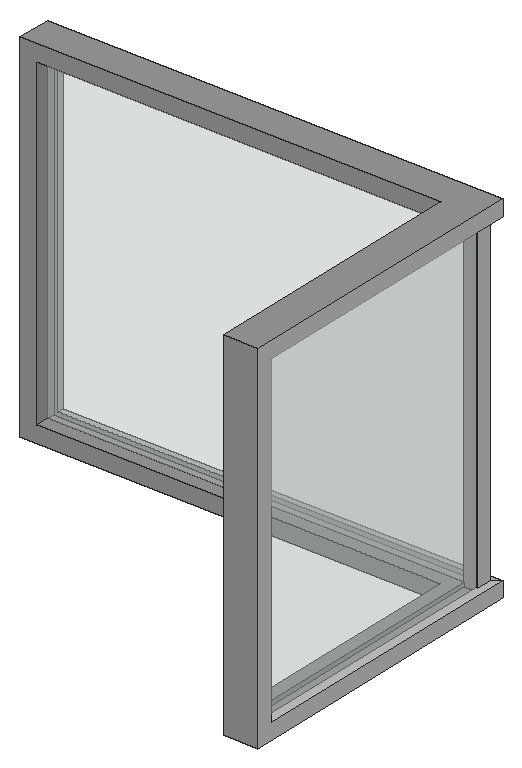
Revit family "Lian - Corner Window - Wood-Aluminium", category Windows, host Wall, Revit 2017
Family settings
  Host = Wall
  Always vertical = Yes
  Cut with Voids When Loaded = No
  Shared = No
  Room Calculation Point = No
Parameters
  hosted on bimbear.com® = "www.bimbear.com"
  Width = [02.6 - Window Width - G1]  # 1500 mm
  URL = "http://www.lian.no/"
  Type Image = <None>
  Type Comments = "Wood - Aluminium"
  Rough Width = [02.1 - Opening Width - G1]  # 1500 mm
  Rough Height = [01 - Opening Height]  # 1200 mm
  OFS = [07 - Offset] + 1500 mm  # 1500 mm
  Model = "Corner Window"
  Manufacturer = "Lian"
  Height = [01.5 - Window Height]  # 1200 mm
  GAP = [08 - Sealant Gap] * 2  # 0 mm
  Construction Type = ""
  Assembly Code = ""
  Analytic Construction = "<None>"
  11 - Sound Transmission Class = ""
  10 - Fire Rating = ""
  08 - Sealant Gap = 0 mm
  07 - Offset = 0 mm
  06 - Material Interior Frame = NCS S 0500-N
  05.5 - Material Glass = Glass
  05 - Material Exterior Frame = RAL 9018
  02.7 - Window Width - G2 = [02.2 - Opening Width - G2] - [08 - Sealant Gap]  # 1000 mm
  02.6 - Window Width - G1 = [02.1 - Opening Width - G1] - [08 - Sealant Gap]  # 1500 mm
  02.2 - Opening Width - G2 = 1000 mm
  02.1 - Opening Width - G1 = 1500 mm
  01.5 - Window Height = [01 - Opening Height] - GAP  # 1200 mm
  01 - Opening Height = 1200 mm
Reference planes
  plane 1 "Wall": y = 0
  plane 2 "Center (Left/Right)": x = 125
  plane 3 "Back": y = 75
  plane 4: x = -705
  plane 5: z = 1200
  plane 6: x = 625
  plane 7: x = -705
  plane 8: z = 0
  plane 9: z = 1200
  plane 10 "VINDU": y = 0
  plane 11: y = -1500
  plane 12: z = 600
  plane 13: x = -705
  plane 14: x = 795
  plane 15: x = 747.7
  plane 16: y = -1000
  plane 17: y = -47.3
  plane 18: y = -1000
  plane 19: y = 300
  plane 20: x = 1095
Forms (mm)
  Extrusion 1, void
    sketch origin (0, 0, 0) x (1, 0, 0) y (0, 1, 0)
      loop
        line (1095, 300) -> (-705, 300) -> (-705, -1000) -> (1095, -1000) -> (1095, 300)
    from 0 to 1200
Lines and regions (mm)
  symbolic lines, detail levels coarse
    curve 1: line (-705, 0, 0) -> (795, 0, 0)
    curve 2: line (795, -1000, 0) -> (795, 0, 0)
    curve 3: line (125, 0, 0) -> (125, 0, 1200)
    curve 4: line (795, 0, 0) -> (795, 0, 1200)
Text (mm)
  text "Placement Side" at (-1848.837, 1116.779, 0), in view "Ref. Level"
  text "Placement side" at (0, 1409.804, 2854.306), in view "Left"
  text "Placement side" at (0, 499.811, 2980.732), in view "Right"
Dimensions and locks
  locked: plane 3 "Back" to host wall
  "Rough Height": level to plane 5
  "08 - Sealant Gap": plane 4 to plane 7
  "08 - Sealant Gap": plane 9 to plane 5
  "08 - Sealant Gap": level to plane 8
  plane 1 "Wall" to plane 11 = 1500 mm
  "OFS": plane 10 "VINDU" to plane 11
  equal spacing: plane 5, plane 12, level
  "OFS": plane 13 to plane 14
  locked: plane 15 to plane 14 at 47.3
  "02.2 - Opening Width - G2": plane 10 "VINDU" to plane 18
  plane 10 "VINDU" to plane 17 = 47.3 mm
  "08 - Sealant Gap": plane 16 to plane 18
  locked: plane 9 to nested 3 at 41
  locked: plane 8 to nested 3 at 40.972
  "02.1 - Opening Width - G1": plane 4 to plane 14
  locked: plane 14 to plane 20 at 300
  locked: plane 19 to plane 10 "VINDU" at 300
  locked: plane 16 to nested 8 at 41
  locked: plane 7 to nested 7 at 41
  locked: nested 9 to plane 8 at 40.972
  locked: plane 9 to nested 9 at 41
  plane 8 to level = 0 mm
  aligned and locked: plane 1 "Wall" to host wall
  aligned and locked: nested 1 to plane 8
  aligned and locked: nested 1 to plane 10 "VINDU"
  aligned and locked: plane 10 "VINDU" to nested 2
  aligned and locked: plane 9 to nested 2
  aligned and locked: nested 3 to plane 10 "VINDU"
  aligned and locked: curve 1 to plane 10 "VINDU"
  aligned and locked: curve 2 to plane 14
  aligned and locked: plane 18 to curve 2
  aligned and locked: plane 4 to curve 1
  aligned and locked: nested 4 to plane 10 "VINDU"
  aligned and locked: nested 4 to plane 14
  aligned and locked: nested 4 to plane 16
  aligned and locked: nested 4 to plane 7
  aligned and locked: plane 19 to Extrusion 1 sketch curve
  aligned and locked: Extrusion 1 sketch curve to plane 20
  aligned and locked: Extrusion 1 sketch curve to plane 18
  aligned and locked: plane 10 "VINDU" to nested 5
  aligned and locked: nested 5 to plane 7
  aligned and locked: nested 6 to plane 14
  aligned and locked: nested 6 to plane 16
  aligned and locked: nested 7 to plane 10 "VINDU"
  aligned and locked: plane 14 to nested 8
  aligned and locked: plane 17 to nested 8
  aligned and locked: nested 7 to plane 15
  aligned and locked: plane 8 to nested 11
  aligned and locked: nested 11 to plane 14
  aligned and locked: nested 10 to plane 14
  aligned and locked: nested 10 to plane 9
  aligned and locked: plane 14 to nested 9
  aligned and locked: nested 4 to plane 8
  aligned and locked: nested 4 to plane 9
  aligned and locked: Extrusion 1 sketch curve to plane 4
  aligned and locked: nested 12 to plane 14
  aligned and locked: nested 12 to plane 10 "VINDU"
  aligned and locked: plane 10 "VINDU" to curve 3
  aligned and locked: level to curve 3
  aligned and locked: plane 5 to curve 3
  aligned and locked: curve 4 to plane 14
  aligned and locked: level to curve 4
  aligned and locked: plane 5 to curve 4
Nested families
  nested 1: "FV-A-V0104-06" at (1225, 0, 0) x (0, 1, 0) z (-1, 0, 0), type "FV-T-V0104-06"
  nested 2: "FV-A-V0104-03-09" at (825, 0, 1200) x (0, 1, 0) z (1, 0, 0), type "FV-A-V0104-03-09"
  nested 3: "3Glass2D" at (125, 0, 1159) x (0, -1, 0) z (1, 0, 0), type "3Glass2D"
    with h 1118.028 mm
  nested 4: "CornerWindow" at (-5, 0, 600), type "CornerWindow"
    with w2 1000 mm, w1 1500 mm, h1 1200 mm
  nested 5: "FV-A-V0104-03-09" at (-705, 0, 0) x (0, 1, 0) z (0, 0, 1), type "FV-A-V0104-03-09"
  nested 6: "FV-A-V0104-03-09" at (795, -1000, 0) x (1, 0, 0) z (0, 0, -1), type "FV-A-V0104-03-09"
  nested 7: "3Glass2D" at (-664, 0, 0) x (0, -1, 0) z (0, 0, 1), type "3Glass2D"
    with h 1411.7 mm
  nested 8: "3Glass2D" at (795, -47.3, 0) x (-1, 0, 0) z (0, 0, 1), type "3Glass2D"
    with h 911.7 mm
  nested 9: "3Glass2D" at (795, 0, 1159) x (-1, 0, 0) z (0, -1, 0), type "3Glass2D"
    with h 1118.028 mm
  nested 10: "FV-A-V0104-03-09" at (795, 0, 1200) x (1, 0, 0) z (0, -1, 0), type "FV-A-V0104-03-09"
  nested 11: "FV-A-V0104-06" at (795, 0, 0) x (1, 0, 0) z (0, -1, 0), type "FV-T-V0104-06"
  nested 12: "Cornerdetail" at (795, 0, 0), type "Cornerdetail"
Definition of nested family "CornerWindow"
  Parameters (values of type "CornerWindow")
    w2 [instance] = 1400 mm
    w1 [instance] = 1750 mm
    matekstframe = none
    karm = none
    h1 [instance] = 1800 mm
    glass = none
    Default Elevation = 1219.2 mm
    Analytic Construction = "<None>"
  Reference planes
    plane 1 "Center (Front/Back)": y = 0
    plane 2: z = 0
    plane 3 "Center (Left/Right)": x = -700
    plane 4: x = 1050
    plane 5: z = 900
    plane 6: y = -1400
    plane 7: y = -47.3
    plane 8: y = -1359
    plane 9: z = -900
  Forms (mm)
    Extrusion 1, void
      sketch origin (0, 0, 0) x (1, 0, 0) y (0, 1, 0)
        loop
          line (-700, 0) -> (-700, -1400) -> (1050, -1400) -> (1050, 0) -> (-700, 0)
      from -900 to 900
    Sweep 2, solid, material <- "karm"
      path in 3D
        loop
          line (1050, 0, 900) -> (1050, -1400, 900) -> (1050, -1400, -900) -> (1050, 0, -900) -> (-700, 0, -900) -> (-700, 0, 900) -> (1050, 0, 900)
      profile origin (175, 0, 900) x (0, -1, 0) y (0, 0, -1)
        loop
          line (89.225, 0) -> (89.225, 55) -> (44, 55) -> (44, 41) -> (0, 41) -> (0, 56.226) -> (-26.275, 53) -> (-26.275, 0) -> (89.225, 0)
    Extrusion 3, solid, material <- "glass"
      sketch origin (0, 0, 0) x (1, 0, 0) y (0, 1, 0)
        loop
          line (-659, 0) -> (-659, -44) -> (1002.7, -44) -> (1002.7, 0) -> (-659, 0)
      from -859 to 859
    Extrusion 4, solid, material <- "glass"
      sketch origin (0, 0, 0) x (1, 0, 0) y (0, 1, 0)
        loop
          line (1050, -1359) -> (1050, -47.3) -> (1006, -47.3) -> (1006, -1359) -> (1050, -1359)
      from -859 to 859
    Extrusion 5, solid, material <- "karm"
      sketch origin (0, 0, 0) x (1, 0, 0) y (0, 1, 0)
        loop
          line (1053, 3) -> (1003, 3) -> (1003, -47) -> (1053, -47) -> (1053, 3)
      from -859 to 859
  Cuts and joins
    joined: Sweep 2, Extrusion 5
  Lines and regions (mm)
    sketch lines
      curve 1: line (-700, 0, 900) -> (1050, 0, 900)
      curve 2: line (1050, 0, -900) -> (-700, 0, -900)
      curve 3: line (-700, 0, -900) -> (-700, 0, 900)
      curve 4: line (1050, 0, 900) -> (1050, -1400, 900)
      curve 5: line (1050, -1400, -900) -> (1050, -1400, 900)
      curve 6: line (1050, -1400, -900) -> (1050, 0, -900)
  Dimensions and locks
    "w1": plane 3 "Center (Left/Right)" to plane 4
    "h1": plane 5 to Extrusion 1
    "w2": plane 1 "Center (Front/Back)" to plane 6
    locked: plane 3 "Center (Left/Right)" to Sweep 2 at 41
    Extrusion 3 sketch curve to plane 4 = 47.3 mm
    locked: Sweep 2 to plane 1 "Center (Front/Back)" at 44
    Extrusion 3 to plane 2 = 859 mm
    locked: plane 5 to Extrusion 3 at 41
    locked: Sweep 2 to plane 6 at 41
    locked: Sweep 2 to plane 4 at 44
    locked: Extrusion 4 to plane 5 at 41
    plane 2 to Extrusion 4 = 859 mm
    locked: plane 1 "Center (Front/Back)" to Extrusion 4 at 47.3
    locked: Extrusion 3 to plane 4 at 47.3
    locked: plane 4 to Extrusion 5 sketch curve at 3
    locked: plane 1 "Center (Front/Back)" to Extrusion 5 sketch curve at 3
    Extrusion 5 to plane 2 = 859 mm
    locked: Extrusion 5 to plane 5 at 41
    locked: plane 6 to plane 8 at 41
    equal spacing: plane 5, level, plane 9
    "h1": plane 5 to plane 9
    locked: Extrusion 3 to plane 9 at 41
    locked: Extrusion 4 to plane 9 at 41
    locked: cut or joined group of Sweep 2, Extrusion 5 to plane 9 at 41
    aligned and locked: level to plane 2
    aligned and locked: Extrusion 1 sketch curve to plane 6
    aligned and locked: plane 3 "Center (Left/Right)" to Extrusion 1 sketch curve
    aligned and locked: Extrusion 1 to plane 1 "Center (Front/Back)"
    aligned and locked: Extrusion 1 to plane 6
    aligned and locked: plane 1 "Center (Front/Back)" to Extrusion 3 sketch curve
    aligned and locked: Extrusion 4 sketch curve to plane 4
    aligned and locked: Extrusion 1 to plane 5
    aligned and locked: Extrusion 1 to plane 9
  Automatic sketch dimensions
    profile plane to Sweep 2 sketch curve = 0 mm
    Sweep 2 sketch curve to profile plane = 0 mm
    profile plane to Sweep 2 sketch curve = 26.275 mm
    Sweep 2 sketch curve to profile plane = 44 mm
    Sweep 2 sketch curve to Sweep 2 sketch curve = 45.225 mm
    profile plane to Sweep 2 sketch curve = 41 mm
    Sweep 2 sketch curve to Sweep 2 sketch curve = 12 mm
    Sweep 2 sketch curve to Sweep 2 sketch curve = 14 mm
    Sweep 2 sketch curve to Sweep 2 sketch curve = 15.226 mm
    plane 1 "Center (Front/Back)" to Extrusion 1 sketch curve = 0 mm
    Extrusion 1 sketch curve to plane 4 = 0 mm
    plane 3 "Center (Left/Right)" to Extrusion 3 sketch curve = 41 mm
    plane 1 "Center (Front/Back)" to Extrusion 3 sketch curve = 44 mm
    Extrusion 4 sketch curve to plane 4 = 44 mm
    plane 6 to Extrusion 4 sketch curve = 41 mm
    plane 1 "Center (Front/Back)" to Extrusion 4 sketch curve = 47.3 mm
    plane 7 to Extrusion 5 sketch curve = 0.3 mm
    Extrusion 5 sketch curve to plane 4 = 47 mm
Definition of nested family "FV-A-V0104-06"
  Reference planes
    plane 1 "Center (Front/Back)": y = 0
    plane 2: z = 0
    plane 3 "Center (Left/Right)": x = 0
  Lines and regions (mm)
    Filled region 1, type "LianTre", in view "Ref. Level", detail levels fine
      outline origin (15.775, 0, 0) x (1, 0, 0) y (0, 1, 0)
        loop
          line (-1.756, 29.48) -> (-63.041, 37.005) -> (-63.041, 46.5) -> (-66.5, 46.5) -> (-66.5, 49.5) -> (-63.041, 49.5) -> (-63.041, 54)
          arc (-63.041, 54) -> (-63.334, 54.707) -> (-64.041, 55) r 1
          line (-64.041, 55) -> (-103, 55)
          arc (-103, 55) -> (-104.414, 54.414) -> (-105, 53) r 2
          line (-105, 53) -> (-105, 19) -> (-96, 19) -> (-96, 9) -> (-105, 9) -> (-105, 2)
          arc (-105, 2) -> (-104.414, 0.586) -> (-103, 0) r 2
          line (-103, 0) -> (-90, 0) -> (-90, 1) -> (-45, 1)
          arc (-45, 1) -> (-42.879, 1.879) -> (-42, 4) r 3
          line (-42, 4) -> (-42, 8) -> (-35, 8) -> (-35, 4)
          arc (-35, 4) -> (-34.121, 1.879) -> (-32, 1) r 3
          line (-32, 1) -> (-30, 1) -> (-30, 0) -> (-21, 0)
          arc (-21, 0) -> (-19.586, 0.586) -> (-19, 2) r 2
          line (-19, 2) -> (-19, 14) -> (-15, 14) -> (-15, 6.617) -> (-2.518, 3.273)
          arc (-2.518, 3.273) -> (-0.782, 3.618) -> (0, 5.205) r 2
          line (0, 5.205) -> (0, 27.495)
          arc (0, 27.495) -> (-0.502, 28.82) -> (-1.756, 29.48) r 2
    Masking region 1, in view "Ref. Level", detail levels medium
      outline origin (15.775, 0, 0) x (1, 0, 0) y (0, 1, 0)
        loop
          line (-59.775, 55) -> (-105, 55) -> (-105, 0) -> (10.5, 0) -> (10.5, 54) -> (-15.775, 57.226) -> (-15.775, 40.972) -> (-59.775, 40.972) -> (-59.775, 55)
    Filled region 2, type "Solid Fill - Black", in view "Ref. Level", detail levels fine
      outline origin (-42.572, -23.897, 0) x (0, -1, 0) y (1, 0, 0)
        loop
          line (-71.113, -7.237) -> (-71.069, -6.175) -> (-70.717, -4.655) -> (-68.868, -4.605) -> (-67.509, -1.69) -> (-68.966, -2.855) -> (-71.921, -2.841) -> (-73.92, -1.68) -> (-73.689, -2.855) -> (-78.891, -2.832) -> (-80.365, -1.655) -> (-78.839, -4.655) -> (-72.978, -4.737) -> (-72.682, -6.246) -> (-72.682, -7.237) -> (-73.397, -6.903) -> (-72.893, -7.69) -> (-71.897, -8.155) -> (-70.836, -7.66) -> (-70.397, -6.903) -> (-71.113, -7.237)
    Filled region 3, type "Solid Fill - Black", in view "Ref. Level", detail levels fine
      outline origin (71.288, 82.368, 0) x (0, 1, 0) y (-1, 0, 0)
        loop
          line (-32.629, 65.48) -> (-33.344, 65.814) -> (-32.905, 65.057) -> (-31.844, 64.563) -> (-30.848, 65.027) -> (-30.344, 65.814) -> (-31.059, 65.48) -> (-31.059, 66.471) -> (-30.763, 67.98) -> (-24.902, 68.063) -> (-23.376, 71.063) -> (-24.85, 69.885) -> (-30.052, 69.863) -> (-29.821, 71.037) -> (-31.821, 69.876) -> (-34.775, 69.863) -> (-36.232, 71.027) -> (-34.873, 68.113) -> (-33.024, 68.063) -> (-32.672, 66.542) -> (-32.629, 65.48)
    Masking region 2, in view "Ref. Level", detail levels fine
      outline origin (59.5, 59.995, 0) x (1, 0, 0) y (0, 1, 0)
        loop
          line (-33.225, -57.992) -> (-33.225, -5.995) -> (-56.225, -3.171) -> (-56.225, -8.171) -> (-54.926, -8.171) -> (-54.926, -7.321)
          arc (-54.926, -7.321) -> (-52.775, -9.472) -> (-54.927, -11.621) r 2.15
          line (-54.927, -11.621) -> (-54.927, -10.771) -> (-56.225, -10.771) -> (-56.225, -12.421)
          arc (-56.225, -12.421) -> (-56.078, -12.774) -> (-55.725, -12.921) r 0.5
          line (-55.725, -12.921) -> (-54.925, -12.921)
          arc (-54.925, -12.921) -> (-51.487, -9.757) -> (-54.354, -6.068) r 3.45
          arc (-54.354, -6.068) -> (-54.91, -5.307) -> (-54.16, -4.734) r 0.674
          line (-54.16, -4.734) -> (-34.525, -7.145) -> (-34.525, -29.995) -> (-41.725, -29.995) -> (-41.725, -32.445) -> (-40.45, -32.445) -> (-39.644, -31.295) -> (-36.824, -31.295) -> (-36.824, -32.161) -> (-35.822, -32.161) -> (-35.822, -31.295) -> (-34.525, -31.295) -> (-34.525, -45.095) -> (-36.714, -45.095) -> (-36.714, -44.089) -> (-37.73, -44.089) -> (-37.73, -45.095) -> (-39.644, -45.095) -> (-40.45, -43.945) -> (-41.725, -43.945) -> (-41.725, -46.395) -> (-34.525, -46.395) -> (-34.525, -52.695) -> (-41.725, -52.695) -> (-41.725, -53.995) -> (-37.825, -53.995) -> (-37.825, -57.992) -> (-36.525, -57.992) -> (-36.525, -53.995) -> (-34.525, -53.995) -> (-34.525, -57.992) -> (-33.225, -57.992)
    Masking region 3, in view "Ref. Level", detail levels fine
      outline origin (59.5, 59.995, 0) x (1, 0, 0) y (0, 1, 0)
        loop
          line (-36.925, -35.295) -> (-36.925, -41.095) -> (-40.625, -43.295) -> (-39.618, -44.732) -> (-34.925, -41.945) -> (-34.925, -34.445) -> (-39.618, -31.658) -> (-40.625, -33.095) -> (-36.925, -35.295)
    Masking region 4, in view "Ref. Level", detail levels fine
      outline origin (59.5, 59.995, 0) x (1, 0, 0) y (0, 1, 0)
        loop
          line (-38.225, -40.075) -> (-43.725, -40.075) -> (-43.725, -47.545) -> (-41.725, -47.545) -> (-41.725, -43.895) -> (-40.285, -43.895) -> (-40.285, -43.093) -> (-38.225, -41.868) -> (-38.225, -40.075)
    Masking region 5, in view "Ref. Level", detail levels fine
      outline origin (59.5, 18.395, 0) x (0, -1, 0) y (1, 0, 0)
        loop
          line (-5.305, -38.225) -> (-7.078, -38.225) -> (-8.303, -40.285) -> (-9.105, -40.285) -> (-9.105, -41.725) -> (-12.755, -41.725) -> (-12.755, -43.725) -> (-5.305, -43.725) -> (-5.305, -38.225)
    Masking region 6, in view "Ref. Level", detail levels fine
      outline origin (59.5, 59.995, 0) x (1, 0, 0) y (0, 1, 0)
        loop
          line (-43.725, -40.075) -> (-36.925, -40.075) -> (-36.925, -36.295) -> (-43.725, -36.295) -> (-43.725, -40.075)
    detail lines, in view "Ref. Level", detail levels fine
      curve 1: line (-44, 36.604, 0) -> (0, 40.972, 0)
      curve 2: line (0, 31.202, 0) -> (-44, 40.972, 0)
      curve 3: line (-44, 40.972, 0) -> (0, 40.972, 0)
      curve 4: line (-44, 40.972, 0) -> (-44, 36.604, 0)
      curve 5: line (0, 40.972, 0) -> (0, 31.202, 0)
Definition of nested family "FV-A-V0104-03-09"
  Reference planes
    plane 1 "Center (Front/Back)": y = 0
    plane 2: z = 0
    plane 3 "Center (Left/Right)": x = 0
  Lines and regions (mm)
    Filled region 1, type "Solid Fill - Black", in view "Ref. Level", detail levels fine
      outline origin (-1.43, 22.373, 0) x (0, 1, 0) y (-1, 0, 0)
        loop
          line (-71.113, -7.237) -> (-71.069, -6.175) -> (-70.717, -4.655) -> (-68.868, -4.605) -> (-67.509, -1.69) -> (-68.966, -2.855) -> (-71.921, -2.841) -> (-73.92, -1.68) -> (-73.689, -2.855) -> (-78.891, -2.832) -> (-80.365, -1.655) -> (-78.839, -4.655) -> (-72.978, -4.737) -> (-72.682, -6.246) -> (-72.682, -7.237) -> (-73.397, -6.903) -> (-72.893, -7.69) -> (-71.897, -8.155) -> (-70.836, -7.66) -> (-70.397, -6.903) -> (-71.113, -7.237)
    Filled region 2, type "Solid Fill - Black", in view "Ref. Level", detail levels fine
      outline origin (-42.569, 23.897, 0) x (1, 0, 0) y (0, 1, 0)
        loop
          line (-7.237, -71.113) -> (-6.903, -70.397) -> (-7.66, -70.836) -> (-8.155, -71.897) -> (-7.69, -72.893) -> (-6.903, -73.397) -> (-7.237, -72.682) -> (-6.246, -72.682) -> (-4.737, -72.978) -> (-4.655, -78.839) -> (-1.655, -80.365) -> (-2.832, -78.891) -> (-2.855, -73.689) -> (-1.68, -73.92) -> (-2.841, -71.921) -> (-2.855, -68.966) -> (-1.69, -67.509) -> (-4.605, -68.868) -> (-4.655, -70.717) -> (-6.175, -71.069) -> (-7.237, -71.113)
    Filled region 3, type "LianTre", in view "Ref. Level", detail levels fine
      outline origin (70.688, -104.985, 0) x (1, 0, 0) y (0, 1, 0)
        loop
          arc (-159.913, 51.985) -> (-159.327, 50.571) -> (-157.913, 49.985) r 2
          line (-157.913, 49.985) -> (-118.913, 49.985)
          arc (-118.913, 49.985) -> (-118.205, 50.278) -> (-117.913, 50.985) r 1
          line (-117.913, 50.985) -> (-117.913, 55.485) -> (-121.413, 55.485) -> (-121.413, 58.485) -> (-117.913, 58.485) -> (-117.913, 67.985) -> (-56.913, 67.985)
          arc (-56.913, 67.985) -> (-55.498, 68.571) -> (-54.913, 69.985) r 2
          line (-54.913, 69.985) -> (-54.913, 102.985)
          arc (-54.913, 102.985) -> (-55.498, 104.399) -> (-56.913, 104.985) r 2
          line (-56.913, 104.985) -> (-84.913, 104.985) -> (-84.913, 103.985) -> (-86.913, 103.985)
          arc (-86.913, 103.985) -> (-89.034, 103.106) -> (-89.913, 100.985) r 3
          line (-89.913, 100.985) -> (-89.913, 96.985) -> (-96.913, 96.985) -> (-96.913, 100.985)
          arc (-96.913, 100.985) -> (-97.791, 103.106) -> (-99.913, 103.985) r 3
          line (-99.913, 103.985) -> (-144.913, 103.985) -> (-144.913, 104.985) -> (-157.913, 104.985)
          arc (-157.913, 104.985) -> (-159.327, 104.399) -> (-159.913, 102.985) r 2
          line (-159.913, 102.985) -> (-159.913, 95.985) -> (-150.913, 95.985) -> (-150.913, 85.985) -> (-159.913, 85.985) -> (-159.913, 51.985)
    Masking region 1, in view "Ref. Level", detail levels medium
      outline origin (15.775, 0, 0) x (1, 0, 0) y (0, 1, 0)
        loop
          line (-105, 0) -> (-105, -55) -> (-59.775, -55) -> (-59.775, -41) -> (-15.775, -41) -> (-15.775, -56.226) -> (10.5, -53) -> (10.5, 0) -> (-105, 0)
    Masking region 2, in view "Ref. Level", detail levels fine
      outline origin (-13.217, 0, 0) x (1, 0, 0) y (0, 1, 0)
        loop
          line (39.492, -1.003) -> (38.192, -1.003) -> (38.192, -5) -> (36.192, -5) -> (36.192, -1.003) -> (34.892, -1.003) -> (34.892, -5) -> (30.992, -5) -> (30.992, -6.3) -> (38.192, -6.3) -> (38.192, -12.6) -> (30.992, -12.6) -> (30.992, -15.05) -> (32.267, -15.05) -> (33.073, -13.9) -> (34.987, -13.9) -> (34.987, -14.906) -> (36.003, -14.906) -> (36.003, -13.9) -> (38.192, -13.9) -> (38.192, -27.7) -> (36.895, -27.7) -> (36.895, -26.834) -> (35.893, -26.834) -> (35.893, -27.7) -> (33.073, -27.7) -> (32.267, -26.55) -> (30.992, -26.55) -> (30.992, -29) -> (38.192, -29) -> (38.192, -51.85) -> (18.557, -54.261)
          arc (18.557, -54.261) -> (17.808, -53.688) -> (18.363, -52.926) r 0.674
          arc (18.363, -52.926) -> (21.231, -49.238) -> (17.792, -46.074) r 3.45
          line (17.792, -46.074) -> (16.992, -46.074)
          arc (16.992, -46.074) -> (16.639, -46.22) -> (16.492, -46.574) r 0.5
          line (16.492, -46.574) -> (16.492, -48.224) -> (17.79, -48.224) -> (17.79, -47.374)
          arc (17.79, -47.374) -> (19.942, -49.523) -> (17.791, -51.674) r 2.15
          line (17.791, -51.674) -> (17.791, -50.824) -> (16.492, -50.824) -> (16.492, -55.824) -> (39.492, -53) -> (39.492, -1.003)
    Masking region 3, in view "Ref. Level", detail levels fine
      outline origin (-13.217, 0, 0) x (1, 0, 0) y (0, 1, 0)
        loop
          line (35.792, -23.7) -> (32.092, -25.9) -> (33.099, -27.337) -> (37.792, -24.55) -> (37.792, -17.05) -> (33.099, -14.263) -> (32.092, -15.7) -> (35.792, -17.9) -> (35.792, -23.7)
    Masking region 4, in view "Ref. Level", detail levels fine
      outline origin (-13.217, 0, 0) x (1, 0, 0) y (0, 1, 0)
        loop
          line (34.492, -18.92) -> (34.492, -17.127) -> (32.432, -15.902) -> (32.432, -15.1) -> (30.992, -15.1) -> (30.992, -11.45) -> (28.992, -11.45) -> (28.992, -18.92) -> (34.492, -18.92)
    Masking region 5, in view "Ref. Level", detail levels fine
      outline origin (-13.217, -41.6, 0) x (0, -1, 0) y (1, 0, 0)
        loop
          line (-18.92, 34.492) -> (-18.92, 28.992) -> (-11.45, 28.992) -> (-11.45, 30.992) -> (-15.1, 30.992) -> (-15.1, 32.432) -> (-15.902, 32.432) -> (-17.127, 34.492) -> (-18.92, 34.492)
    Masking region 6, in view "Ref. Level", detail levels fine
      outline origin (-13.217, 0, 0) x (1, 0, 0) y (0, 1, 0)
        loop
          line (28.992, -18.92) -> (28.992, -22.7) -> (35.792, -22.7) -> (35.792, -18.92) -> (28.992, -18.92)
    model lines, in view "Ref. Level", detail levels fine
      curve 1: line (-44, -37, 0) -> (0, -41, 0)
      curve 2: line (0, -41, 0) -> (0, -37, 0)
      curve 3: line (0, -37, 0) -> (-44, -41, 0)
      curve 4: line (-44, -41, 0) -> (-44, -37, 0)
      curve 5: line (0, -41, 0) -> (-44, -41, 0)
Definition of nested family "3Glass2D"
  Parameters (values of type "3Glass2D")
    h [instance] = 126.931 mm
  Reference planes
    plane 1 "Center (Front/Back)": y = 0
    plane 2: z = 0
    plane 3 "Center (Left/Right)": x = 0
    plane 4: y = 126.931
  Lines and regions (mm)
    Filled region 1, type "Glass Hatch", in view "Ref. Level", detail levels fine
      outline origin (305.983, -18.8, 0) x (1, 0, 0) y (0, 1, 0)
        loop
          line (-261.983, 18.8) -> (-261.983, 145.731) -> (-265.983, 145.731) -> (-265.983, 18.8) -> (-261.983, 18.8)
        loop
          line (-281.983, 18.8) -> (-281.983, 145.731) -> (-285.983, 145.731) -> (-285.983, 18.8) -> (-281.983, 18.8)
        loop
          line (-301.983, 18.8) -> (-301.983, 145.731) -> (-305.983, 145.731) -> (-305.983, 18.8) -> (-301.983, 18.8)
    Masking region 1, in view "Ref. Level", detail levels medium
      outline origin (0, 0, 0) x (1, 0, 0) y (0, 1, 0)
        loop
          line (44, 0) -> (44, 126.931) -> (0, 126.931) -> (0, 0) -> (44, 0)
    Masking region 2, in view "Ref. Level", detail levels fine
      outline origin (0, 0, 0) x (1, 0, 0) y (0, 1, 0)
        loop
          line (4, 12) -> (4, 0) -> (20, 0) -> (20, 12) -> (4, 12)
        loop
          line (6, 10) -> (6, 2) -> (18, 2) -> (18, 10) -> (6, 10)
        loop
          line (24, 12) -> (24, 0) -> (40, 0) -> (40, 12) -> (24, 12)
        loop
          line (38, 2) -> (38, 10) -> (26, 10) -> (26, 2) -> (38, 2)
    Masking region 3, in view "Ref. Level", detail levels fine
      outline origin (0, 126.931, 0) x (0, -1, 0) y (1, 0, 0)
        loop
          line (12, 4) -> (12, 20) -> (0, 20) -> (0, 4) -> (12, 4)
        loop
          line (10, 6) -> (10, 18) -> (2, 18) -> (2, 6) -> (10, 6)
        loop
          line (12, 24) -> (12, 40) -> (0, 40) -> (0, 24) -> (12, 24)
        loop
          line (2, 38) -> (2, 26) -> (10, 26) -> (10, 38) -> (2, 38)
  Dimensions and locks
    "h": plane 1 "Center (Front/Back)" to plane 4
    aligned and locked: plane 4 to Filled region 1  (x3)
    aligned and locked: plane 1 "Center (Front/Back)" to Filled region 1  (x3)
    aligned and locked: Filled region 1 sketch curve to plane 1 "Center (Front/Back)"  (x3)
    aligned and locked: plane 1 "Center (Front/Back)" to Masking region 1
    aligned and locked: plane 4 to Masking region 1
  Automatic sketch dimensions
    Filled region 1 sketch curve to plane 3 "Center (Left/Right)" = 0 mm
    Filled region 1 sketch curve to plane 4 = 0 mm  (x3)
    plane 3 "Center (Left/Right)" to Filled region 1 sketch curve = 4 mm
    Filled region 1 sketch curve to Filled region 1 sketch curve = 16 mm  (x2)
    Filled region 1 sketch curve to Filled region 1 sketch curve = 4 mm  (x2)
    Masking region 1 sketch curve to plane 3 "Center (Left/Right)" = 0 mm
    plane 3 "Center (Left/Right)" to Masking region 1 sketch curve = 44 mm
    plane 1 "Center (Front/Back)" to Masking region 2 sketch curve = 0 mm  (x2)
    plane 3 "Center (Left/Right)" to Masking region 2 sketch curve = 4 mm
    Masking region 2 sketch curve to Masking region 2 sketch curve = 2 mm  (x6)
    Masking region 2 sketch curve to Masking region 2 sketch curve = 12 mm  (x2)
    Masking region 2 sketch curve to Masking region 2 sketch curve = 4 mm
    Masking region 2 sketch curve to plane 1 "Center (Front/Back)" = 2 mm  (x2)
    Masking region 2 sketch curve to Masking region 2 sketch curve = 8 mm  (x2)
    Masking region 3 sketch curve to plane 4 = 0 mm  (x2)
    Masking region 3 sketch curve to plane 4 = 2 mm  (x2)
    Masking region 3 sketch curve to Masking region 3 sketch curve = 8 mm  (x2)
    Masking region 3 sketch curve to Masking region 3 sketch curve = 2 mm  (x6)
    plane 3 "Center (Left/Right)" to Masking region 3 sketch curve = 4 mm
    Masking region 3 sketch curve to Masking region 3 sketch curve = 12 mm  (x2)
    Masking region 3 sketch curve to Masking region 3 sketch curve = 4 mm
    plane 4 to Masking region 1 sketch curve = 0 mm
    plane 1 "Center (Front/Back)" to Masking region 1 sketch curve = 0 mm
Definition of nested family "Cornerdetail"
  Reference planes
    plane 1 "Center (Front/Back)": y = 0
    plane 2: z = 0
    plane 3 "Center (Left/Right)": x = 0
  Lines and regions (mm)
    Filled region 1, type "LianTre", in view "Ref. Level", detail levels fine
      outline origin (0, 0, 0) x (1, 0, 0) y (0, 1, 0)
        loop
          line (-47.3, 0) -> (-47.3, -45) -> (-45, -45) -> (-45, -47.3) -> (0, -47.3) -> (0, 0) -> (-47.3, 0)
    Filled region 2, type "Solid Fill - Black", in view "Ref. Level", detail levels fine
      outline origin (281.848, -71.767, 0) x (1, 0, 0) y (0, 1, 0)
        loop
          line (-281.848, 17.767) -> (-281.848, 8.767) -> (-280.848, 8.767) -> (-280.848, 17.767) -> (-281.848, 17.767)
        loop
          line (-326.848, 19.712) -> (-326.848, 10.767) -> (-325.848, 10.767) -> (-325.848, 19.712) -> (-326.848, 19.712)
        loop
          line (-333.848, 27.767) -> (-342.848, 27.767) -> (-342.848, 26.767) -> (-333.848, 26.767) -> (-333.848, 27.767)
        loop
          line (-335.848, 72.767) -> (-344.781, 72.767) -> (-344.781, 71.767) -> (-335.848, 71.767) -> (-335.848, 72.767)
    Masking region 1, in view "Ref. Level", detail levels fine
      outline origin (311.2, -95.665, 0) x (1, 0, 0) y (0, 1, 0)
        loop
          line (-308.2, 98.665) -> (-373.2, 98.665) -> (-373.2, 96.665) -> (-310.2, 96.665) -> (-310.2, 33.665) -> (-308.2, 33.665) -> (-308.2, 98.665)
        loop
          line (-356.2, 50.665) -> (-371.2, 50.665) -> (-371.2, 48.665) -> (-358.2, 48.665) -> (-358.2, 35.665) -> (-356.2, 35.665) -> (-356.2, 50.665)
        loop
          line (-355.7, 93.665) -> (-356.95, 93.665) -> (-356.95, 53.45) -> (-353.415, 49.915) -> (-313.2, 49.915) -> (-313.2, 51.165) -> (-352.897, 51.165) -> (-355.7, 53.968) -> (-355.7, 93.665)
    Masking region 2, in view "Ref. Level", detail levels medium
      outline origin (0, 0, 0) x (1, 0, 0) y (0, 1, 0)
        loop
          line (-47.3, 0) -> (-47.3, -47.3) -> (0, -47.3) -> (0, 0) -> (-47.3, 0)
